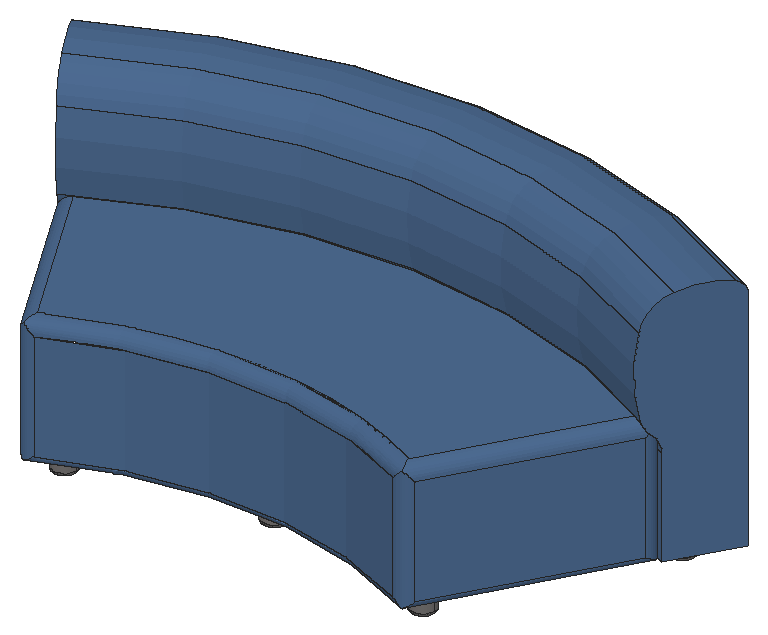
Revit family "FU_Modular_Sandler_Charlotte 107", category Furniture, Revit 2022
Family settings
  OmniClass Number = 23.40.20.00
  OmniClass Title = General Furniture and Specialties
  Work Plane-Based = No
  Always vertical = Yes
  Cut with Voids When Loaded = No
  Render Appearance Source = Family Geometry
  Shared = No
  Room Calculation Point = No
Parameters (values of type "Charlotte 107")
  Width = 1970 mm
  URL = "https://www.sandlerseating.com/product/charlotte-107/"
  Shell [instance] = Fabric - Manhattan - Staten YI386
  Model = "Charlotte 107"
  Manufacturer = "Sandler"
  Height = 780 mm
  Description = "Concave sofa unit in the Charlotte modular seating series. Wooden frame. Made in America."
  Depth = 1050 mm
  Default Elevation = 0 mm
  Back [instance] = Fabric - Manhattan - Staten YI386
Reference planes
  plane 1 "Center (Front/Back)": y = 0
  plane 2: z = 0
  plane 3 "Center (Left/Right)": x = 0
  plane 4 "Right": x = -985
  plane 5 "Left": x = 985
  plane 6 "Back": y = 525
  plane 7 "Front": y = -525
  plane 8 "Height": z = 780
  plane 9 "Seat Height": z = 440
  plane 10 "seat base": z = 61.982
Forms (mm)
  Extrusion 1, solid, material "Fabric - Manhattan - Staten YI386" <- "Shell"
    sketch origin (0, 0, 61.982) x (-1, 0, 0) y (0, -1, 0)
      loop
        arc (584.152, 478.219) -> (561, 496.534) -> (531.59, 493.98) r 40
        arc (531.59, 493.98) -> (0, 368.239) -> (-531.59, 493.98) r 1186.562
        arc (-531.59, 493.98) -> (-561, 496.534) -> (-584.152, 478.219) r 40
        line (-584.152, 478.219) -> (-870.159, -17.159)
        arc (-870.159, -17.159) -> (-874.135, -47.584) -> (-855.387, -71.875) r 40
        arc (-855.387, -71.875) -> (0, -299.349) -> (855.387, -71.875) r 1722.024
        arc (855.387, -71.875) -> (874.135, -47.584) -> (870.159, -17.159) r 40
        line (870.159, -17.159) -> (584.152, 478.219)
    from 0 to 378.018
  Sweep 2, void
    path in 3D
      loop
        arc (890, 51.525, 440) -> (0, 299.349, 440) -> (-890, 51.525, 440) r 1722.024
        line (-890, 51.525, 440) -> (-565, -511.391, 440)
        arc (-565, -511.391, 440) -> (0, -368.239, 440) -> (565, -511.391, 440) r 1186.562
        line (565, -511.391, 440) -> (890, 51.525, 440)
    profile "Pro_edgeCut_40mm : Pro_edgeCut_40mm" origin (727.5, -229.933, 440) x (-0.866025, 0.5, 0) y (0, 0, 1)
      loop
        line (7.071, 21.213) -> (-21.213, -7.071) -> (0, -40)
        arc (0, -40) -> (11.716, -11.716) -> (40, 0) r 40
        line (40, 0) -> (7.071, 21.213)
  Sweep 3, void
    path in 3D
      loop
        arc (565, -511.391, 61.982) -> (0, -368.239, 61.982) -> (-565, -511.391, 61.982) r 1186.562
        line (-565, -511.391, 61.982) -> (-890, 51.525, 61.982)
        arc (-890, 51.525, 61.982) -> (0, 299.349, 61.982) -> (890, 51.525, 61.982) r 1722.024
        line (890, 51.525, 61.982) -> (565, -511.391, 61.982)
    profile "Pro_edgeCut_20mm : Pro_edgeCut_20mm" origin (727.5, -229.933, 61.982) x (-0.866025, 0.5, 0) y (0, 0, -1)
      loop
        line (7.071, 21.213) -> (-21.213, -7.071) -> (0, -20)
        arc (0, -20) -> (5.858, -5.858) -> (20, 0) r 20
        line (20, 0) -> (7.071, 21.213)
  Sweep 4, solid, material "Fabric - Manhattan - Staten YI386" <- "Back"
    path origin (0, 0, 61.982) x (-1, 0, 0) y (0, -1, 0)
      loop
        arc (890, -51.525) -> (0, -292.278) -> (-890, -51.525) r 1765.426
    profile "Pro_Charlotte-Back : Pro_Charlotte-Back" origin (0, 292.278, 61.982) x (0, 1, 0) y (0, 0, 1)
      loop
        line (0, 0) -> (214.062, 0) -> (214.062, 669.664)
        arc (214.062, 669.664) -> (206.244, 693.42) -> (185.846, 707.889) r 40
        arc (185.846, 707.889) -> (107.5, 719.853) -> (29.059, 708.523) r 269.65
        arc (29.059, 708.523) -> (-26.617, 674.38) -> (-58.065, 617.139) r 127.429
        arc (-58.065, 617.139) -> (-70.785, 498.243) -> (-50.939, 380.326) r 438.859
        arc (-50.939, 380.326) -> (-37.351, 353.299) -> (-15.847, 332.025) r 93.511
        arc (-15.847, 332.025) -> (-4.041, 311.369) -> (0, 287.923) r 68.607
        line (0, 287.923) -> (0, 0)
  Revolve 5, solid, material "Wood Black Stain"
    sketch origin (-250.826, 395.497, 0) x (1, 0, 0) y (0, 0, -1)
      loop
        line (286.755, -62.5) -> (286.755, -7.982)
        arc (286.755, -7.982) -> (284.417, -2.338) -> (278.773, 0) r 7.982
        line (278.773, 0) -> (251.946, 0) -> (251.946, -62.5) -> (286.755, -62.5)
      axis (251.946, -62.5) -> (251.946, 0)
    angle from 0 to 360
  Revolve 6, solid, material "Wood Black Stain"
    sketch origin (-251.338, -270.488, 0) x (1, 0, 0) y (0, 0, 1)
      loop
        line (286.755, 62.5) -> (251.946, 62.5) -> (251.946, 0) -> (278.773, 0)
        arc (278.773, 0) -> (284.417, 2.338) -> (286.755, 7.982) r 7.982
        line (286.755, 7.982) -> (286.755, 62.5)
      axis (251.946, 62.5) -> (251.946, 0)
    angle from 0 to 360
  Revolve 7, solid, material "Wood Black Stain"
    sketch origin (-1087.75, 199.241, 0) x (1, 0, 0) y (0, 0, -1)
      loop
        line (286.755, -62.5) -> (286.755, -7.982)
        arc (286.755, -7.982) -> (284.417, -2.338) -> (278.773, 0) r 7.982
        line (278.773, 0) -> (251.946, 0) -> (251.946, -62.5) -> (286.755, -62.5)
      axis (251.946, -62.5) -> (251.946, 0)
    angle from 0 to 360
  Revolve 8, solid, material "Wood Black Stain"
    sketch origin (-782.303, -382.108, 0) x (1, 0, 0) y (0, 0, 1)
      loop
        line (286.755, 62.5) -> (251.946, 62.5) -> (251.946, 0) -> (278.773, 0)
        arc (278.773, 0) -> (284.417, 2.338) -> (286.755, 7.982) r 7.982
        line (286.755, 7.982) -> (286.755, 62.5)
      axis (251.946, 62.5) -> (251.946, 0)
    angle from 0 to 360
  Revolve 9, solid, material "Wood Black Stain"
    sketch origin (1087.75, 199.241, 0) x (-1, 0, 0) y (0, 0, 1)
      loop
        line (286.755, 62.5) -> (251.946, 62.5) -> (251.946, 0) -> (278.773, 0)
        arc (278.773, 0) -> (284.417, 2.338) -> (286.755, 7.982) r 7.982
        line (286.755, 7.982) -> (286.755, 62.5)
      axis (251.946, 62.5) -> (251.946, 0)
    angle from 0 to 360
  Revolve 10, solid, material "Wood Black Stain"
    sketch origin (782.303, -382.108, 0) x (-1, 0, 0) y (0, 0, -1)
      loop
        line (286.755, -62.5) -> (286.755, -7.982)
        arc (286.755, -7.982) -> (284.417, -2.338) -> (278.773, 0) r 7.982
        line (278.773, 0) -> (251.946, 0) -> (251.946, -62.5) -> (286.755, -62.5)
      axis (251.946, -62.5) -> (251.946, 0)
    angle from 0 to 360
Cuts and joins
  Sweep 2, Sweep 3 cuts Extrusion 1
Lines and regions (mm)
  sketch lines
    curve 1: line (565, -511.391, 440) -> (890, 51.525, 440)
    curve 2: arc (-890, 51.525, 440) -> (0, 299.349, 440) -> (890, 51.525, 440) r 1722.024
    curve 3: line (-890, 51.525, 440) -> (-565, -511.391, 440)
    curve 4: arc (565, -511.391, 440) -> (0, -368.239, 440) -> (-565, -511.391, 440) r 1186.562
    curve 5: line (890, 51.525, 61.982) -> (565, -511.391, 61.982)
    curve 6: arc (890, 51.525, 61.982) -> (0, 299.349, 61.982) -> (-890, 51.525, 61.982) r 1722.024
    curve 7: line (-565, -511.391, 61.982) -> (-890, 51.525, 61.982)
    curve 8: arc (-565, -511.391, 61.982) -> (0, -368.239, 61.982) -> (565, -511.391, 61.982) r 1186.562
Dimensions and locks
  equal spacing: plane 6 "Back", plane 1 "Center (Front/Back)", plane 7 "Front"
  "Depth": plane 6 "Back" to plane 7 "Front"
  equal spacing: plane 4 "Right", plane 3 "Center (Left/Right)", plane 5 "Left"
  "Width": plane 4 "Right" to plane 5 "Left"
  "Height": plane 8 "Height" to level
  aligned and locked: level to plane 2
Automatic sketch dimensions
  Extrusion 1 sketch curve to plane 3 "Center (Left/Right)" = 0 mm  (x2)
  plane 7 "Front" to Extrusion 1 sketch curve = 66.781 mm  (x2)
  Extrusion 1 sketch curve to plane 5 "Left" = 435.489 mm
  plane 7 "Front" to Extrusion 1 sketch curve = 46.781 mm  (x2)
  Extrusion 1 sketch curve to Extrusion 1 sketch curve = 34.641 mm  (x4)
  Extrusion 1 sketch curve to plane 1 "Center (Front/Back)" = 37.159 mm  (x2)
  Extrusion 1 sketch curve to plane 5 "Left" = 149.482 mm
  Extrusion 1 sketch curve to plane 1 "Center (Front/Back)" = 17.159 mm  (x2)
  plane 4 "Right" to Extrusion 1 sketch curve = 435.489 mm
  plane 4 "Right" to Extrusion 1 sketch curve = 149.482 mm
  Extrusion 1 sketch curve to plane 7 "Front" = 897.675 mm
  Extrusion 1 sketch curve to Extrusion 1 sketch curve = 132.126 mm
  Extrusion 1 sketch curve to Extrusion 1 sketch curve = 0 mm  (x2)
  Sweep 4 sketch curve to plane 3 "Center (Left/Right)" = 0 mm
  Sweep 4 sketch curve to plane 7 "Front" = 948.149 mm
  Sweep 4 sketch curve to plane 5 "Left" = 95 mm
  plane 4 "Right" to Sweep 4 sketch curve = 95 mm
  Sweep 4 sketch curve to plane 1 "Center (Front/Back)" = 51.525 mm
  Revolve 5 sketch curve to level = 0 mm
  plane 10 "seat base" to Revolve 5 sketch curve = 0.518 mm
  plane 3 "Center (Left/Right)" to Revolve 5 sketch curve = 1.12 mm  (x2)
  level to Revolve 5 sketch curve = 7.982 mm
  plane 3 "Center (Left/Right)" to Revolve 5 sketch curve = 27.946 mm
  Revolve 5 sketch curve to Revolve 5 sketch curve = 12.943 mm
  Revolve 5 sketch curve to level = 8.479 mm
  Revolve 6 sketch curve to level = 0 mm
  plane 3 "Center (Left/Right)" to Revolve 6 sketch curve = 0.608 mm  (x2)
  level to Revolve 6 sketch curve = 7.982 mm
  plane 3 "Center (Left/Right)" to Revolve 6 sketch curve = 27.434 mm
  plane 10 "seat base" to Revolve 6 sketch curve = 0.518 mm
  Revolve 6 sketch curve to level = 8.479 mm
  Revolve 6 sketch curve to Revolve 6 sketch curve = 12.943 mm
  Revolve 7 sketch curve to level = 0 mm
  plane 10 "seat base" to Revolve 7 sketch curve = 0.518 mm
  plane 4 "Right" to Revolve 7 sketch curve = 149.197 mm
  level to Revolve 7 sketch curve = 7.982 mm
  Revolve 7 sketch curve to Revolve 7 sketch curve = 26.826 mm
  Revolve 7 sketch curve to Revolve 7 sketch curve = 0 mm
  Revolve 7 sketch curve to Revolve 7 sketch curve = 12.943 mm
  Revolve 7 sketch curve to level = 8.479 mm
  Revolve 8 sketch curve to level = 0 mm
  plane 10 "seat base" to Revolve 8 sketch curve = 0.518 mm
  plane 4 "Right" to Revolve 8 sketch curve = 454.643 mm
  level to Revolve 8 sketch curve = 7.982 mm
  Revolve 8 sketch curve to Revolve 8 sketch curve = 26.826 mm
  Revolve 8 sketch curve to Revolve 8 sketch curve = 0 mm
  Revolve 8 sketch curve to level = 8.479 mm
  Revolve 8 sketch curve to Revolve 8 sketch curve = 12.943 mm
  Revolve 9 sketch curve to level = 0 mm
  plane 10 "seat base" to Revolve 9 sketch curve = 0.518 mm
  Revolve 9 sketch curve to plane 5 "Left" = 149.197 mm
  level to Revolve 9 sketch curve = 7.982 mm
  Revolve 9 sketch curve to Revolve 9 sketch curve = 26.826 mm
  Revolve 9 sketch curve to Revolve 9 sketch curve = 0 mm
  Revolve 9 sketch curve to level = 8.479 mm
  Revolve 9 sketch curve to Revolve 9 sketch curve = 12.943 mm
  Revolve 10 sketch curve to level = 0 mm
  plane 10 "seat base" to Revolve 10 sketch curve = 0.518 mm
  Revolve 10 sketch curve to plane 5 "Left" = 454.643 mm
  level to Revolve 10 sketch curve = 7.982 mm
  Revolve 10 sketch curve to Revolve 10 sketch curve = 26.826 mm
  Revolve 10 sketch curve to Revolve 10 sketch curve = 0 mm
  Revolve 10 sketch curve to Revolve 10 sketch curve = 12.943 mm
  Revolve 10 sketch curve to level = 8.479 mm
